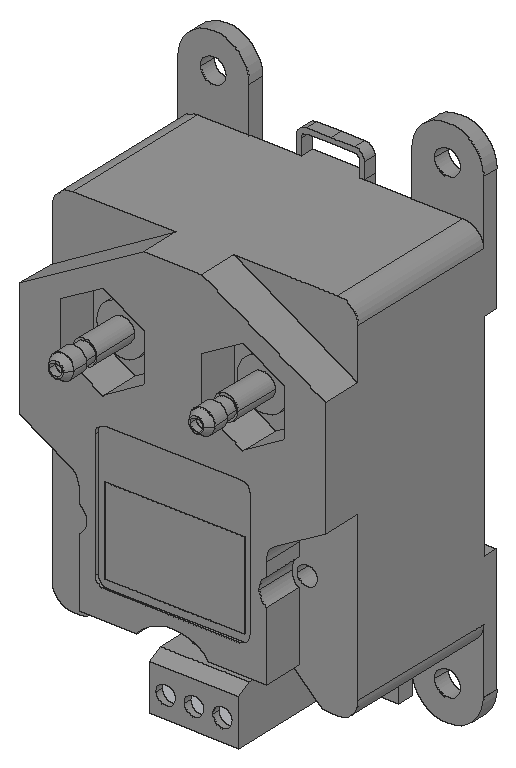
Revit family "PTS-4000", category Mechanical Equipment, Revit 2015
Parameters
  URL = "https://unitedenertech.com/catalog/pdf/O_5%20PTS-4000%20Transducer.pdf"
  Model = "PTS-4000"
  Manufacturer = "United Enertech Corporation"
  Description = "Differential Pressure Transducer Sensor"
Reference planes (in)
  plane 1 "Center (Front/Back)": y = 0
  plane 2: z = 0
  plane 3 "Center (Left/Right)": x = 0
  plane 4: x = -0.945
  plane 5: x = 0.945
  plane 6: z = 1.665
  plane 7: z = -1.665
  plane 8: y = -1.68
Forms (in)
  Extrusion 1, solid, material "Plastic"
    sketch origin (0, 0, 0) x (1, 0, 0) y (0, 0, 1)
      loop
        line (-0.94584, 0.665) -> (-0.50416, 0.665) -> (-0.50416, 1.44416)
        arc (-0.50416, 1.44416) -> (-0.725, 1.665) -> (-0.94584, 1.44416) r 0.22084
        line (-0.94584, 1.44416) -> (-0.94584, 0.665)
      loop
        circle (-0.725, 1.44416) r 0.08
    from 0 to 0.1
  Extrusion 2, solid, material "Plastic"
    sketch origin (0, 0, 0) x (-1, 0, 0) y (0, 0, -1)
      loop
        line (-0.94584, -0.665) -> (-0.94584, -1.44416)
        arc (-0.94584, -1.44416) -> (-0.725, -1.665) -> (-0.50416, -1.44416) r 0.22084
        line (-0.50416, -1.44416) -> (-0.50416, -0.665) -> (-0.94584, -0.665)
      loop
        circle (-0.725, -1.44416) r 0.08
    from 0 to 0.1
  Extrusion 3, solid, material "Plastic"
    sketch origin (0, 0.66, 0) x (1, 0, 0) y (0, 0, 1)
      loop
        line (-0.94584, -0.665) -> (-0.94584, -1.44416)
        arc (-0.94584, -1.44416) -> (-0.725, -1.665) -> (-0.50416, -1.44416) r 0.22084
        line (-0.50416, -1.44416) -> (-0.50416, -0.665) -> (-0.94584, -0.665)
      loop
        circle (-0.725, -1.44416) r 0.08
    from 0.66 to 0.76
  Extrusion 4, solid, material "Plastic"
    sketch origin (0, 0.66, 0) x (-1, 0, 0) y (0, 0, -1)
      loop
        line (-0.94584, 0.665) -> (-0.50416, 0.665) -> (-0.50416, 1.44416)
        arc (-0.50416, 1.44416) -> (-0.725, 1.665) -> (-0.94584, 1.44416) r 0.22084
        line (-0.94584, 1.44416) -> (-0.94584, 0.665)
      loop
        circle (-0.725, 1.44416) r 0.08
    from 0.66 to 0.76
  Extrusion 5, solid, material "Plastic"
    sketch origin (0, 0, 0) x (1, 0, 0) y (0, 0, 1)
      loop
        arc (-0.82, 1.165) -> (-0.90839, 1.12839) -> (-0.945, 1.04) r 0.125
        line (-0.945, 1.04) -> (-0.945, -1.04)
        arc (-0.945, -1.04) -> (-0.90839, -1.12839) -> (-0.82, -1.165) r 0.125
        line (-0.82, -1.165) -> (0.82, -1.165)
        arc (0.82, -1.165) -> (0.90839, -1.12839) -> (0.945, -1.04) r 0.125
        line (0.945, -1.04) -> (0.945, 1.04)
        arc (0.945, 1.04) -> (0.90839, 1.12839) -> (0.82, 1.165) r 0.125
        line (0.82, 1.165) -> (-0.82, 1.165)
    from 0.1 to 1.32
  Extrusion 6, solid, material "Plastic"
    sketch origin (0, 0, 0) x (1, 0, 0) y (0, 0, 1)
      loop
        line (-0.21114, 1.165) -> (-0.21114, 1.03957) -> (0.21114, 1.03957) -> (0.21114, 1.165) -> (0.21114, 1.26467)
        arc (0.21114, 1.26467) -> (0.19278, 1.30898) -> (0.14847, 1.32734) r 0.06267
        line (0.14847, 1.32734) -> (0, 1.32734) -> (-0.14847, 1.32734)
        arc (-0.14847, 1.32734) -> (-0.19278, 1.30898) -> (-0.21114, 1.26467) r 0.06267
        line (-0.21114, 1.26467) -> (-0.21114, 1.165)
      loop
        line (-0.17989, 1.165) -> (0.17989, 1.165) -> (0.17989, 1.26467)
        arc (0.17989, 1.26467) -> (0.17069, 1.28688) -> (0.14847, 1.29609) r 0.03142
        line (0.14847, 1.29609) -> (0, 1.29609) -> (-0.14847, 1.29609)
        arc (-0.14847, 1.29609) -> (-0.17069, 1.28688) -> (-0.17989, 1.26467) r 0.03142
        line (-0.17989, 1.26467) -> (-0.17989, 1.165)
    from 0.02246 to 0.1
  Extrusion 7, solid, material "Plastic"
    sketch origin (0, 0, 0) x (1, 0, 0) y (0, 0, 1)
      loop
        line (-0.42386, -1.165) -> (-0.42386, -1.665) -> (0, -1.665) -> (0.42386, -1.665) -> (0.42386, -1.165) -> (0.42386, -1.04052) -> (0, -1.04052) -> (-0.42386, -1.04052) -> (-0.42386, -1.165)
      loop
        line (-0.36136, -1.2275) -> (-0.36136, -1.57125) -> (-0.03125, -1.57125) -> (-0.03125, -1.2275) -> (-0.36136, -1.2275)
      loop
        line (0.36136, -1.2275) -> (0.03125, -1.2275) -> (0.03125, -1.57125) -> (0.36136, -1.57125) -> (0.36136, -1.2275)
    from 0 to 0.1
  Extrusion 8, void
    sketch origin (0, 0, 0) x (1, 0, 0) y (0, 0, 1)
      loop
        arc (-0.47407, -0.96584) -> (-0.52127, -0.97509) -> (-0.56147, -1.00147) r 0.125
        line (-0.56147, -1.00147) -> (-0.68839, -1.12839)
        arc (-0.68839, -1.12839) -> (-0.72894, -1.15548) -> (-0.77678, -1.165) r 0.125
        line (-0.77678, -1.165) -> (-1.14694, -1.165) -> (-1.14694, -1.27644) -> (0, -1.27644) -> (1.14694, -1.27644) -> (1.14694, -1.165) -> (0.77678, -1.165)
        arc (0.77678, -1.165) -> (0.72894, -1.15548) -> (0.68839, -1.12839) r 0.125
        line (0.68839, -1.12839) -> (0.56147, -1.00147)
        arc (0.56147, -1.00147) -> (0.52127, -0.97509) -> (0.47407, -0.96584) r 0.125
        line (0.47407, -0.96584) -> (0.225, -0.96584)
        arc (0.225, -0.96584) -> (0.12448, -0.88768) -> (0, -0.86092) r 0.28586
        arc (0, -0.86092) -> (-0.12448, -0.88768) -> (-0.225, -0.96584) r 0.28586
        line (-0.225, -0.96584) -> (-0.47407, -0.96584)
    from 0.57 to 1.32
  Extrusion 9, void
    sketch origin (0, 0, 0) x (1, 0, 0) y (0, 0, 1)
      loop
        line (-0.57903, -0.96584) -> (-0.57903, -0.28394)
        arc (-0.57903, -0.28394) -> (-0.59578, -0.22144) -> (-0.64153, -0.17569) r 0.125
        line (-0.64153, -0.17569) -> (-1.14694, 0.11611) -> (-1.14694, -1.27644) -> (-0.47407, -1.27644) -> (-0.47407, -0.96584) -> (-0.57903, -0.96584)
    from 1.07 to 1.32
  Extrusion 10, void
    sketch origin (0, 0, 0) x (-1, 0, 0) y (0, 0, -1)
      loop
        line (-0.57903, 0.96584) -> (-0.47407, 0.96584) -> (-0.47407, 1.27644) -> (-1.14694, 1.27644) -> (-1.14694, -0.11611) -> (-0.64153, 0.17569)
        arc (-0.64153, 0.17569) -> (-0.59578, 0.22144) -> (-0.57903, 0.28394) r 0.125
        line (-0.57903, 0.28394) -> (-0.57903, 0.96584)
    from 1.07 to 1.32
  Extrusion 11, void
    sketch origin (0, 0, 0) x (1, 0, 0) y (0, 0, 1)
      loop
        line (-0.4351, 0.27977) -> (-0.17575, 0.42951) -> (-0.17575, 0.72898) -> (-0.4351, 0.87871) -> (-0.69444, 0.72898) -> (-0.69444, 0.42951) -> (-0.4351, 0.27977)
    from 1.07 to 1.32
  Extrusion 12, void
    sketch origin (0, 0, 0) x (-1, 0, 0) y (0, 0, -1)
      loop
        line (-0.4351, -0.27977) -> (-0.69444, -0.42951) -> (-0.69444, -0.72898) -> (-0.4351, -0.87871) -> (-0.17575, -0.72898) -> (-0.17575, -0.42951) -> (-0.4351, -0.27977)
    from 1.07 to 1.32
  Extrusion 13, void
    sketch origin (0, 0, 0) x (1, 0, 0) y (0, 0, 1)
      loop
        line (-1.0607, 0.65604) -> (0.01015, 1.2743) -> (-1.0607, 1.2743) -> (-1.0607, 0.65604)
    from 1.07 to 1.32
  Extrusion 14, void
    sketch origin (0, 0, 0) x (-1, 0, 0) y (0, 0, -1)
      loop
        line (-1.0607, -0.65604) -> (-1.0607, -1.2743) -> (0.01015, -1.2743) -> (-1.0607, -0.65604)
    from 1.07 to 1.32
  Extrusion 15, void
    sketch origin (0, 0, 0) x (1, 0, 0) y (0, 0, 1)
      loop
        line (-0.41653, -0.79052) -> (0.41653, -0.79052)
        arc (0.41653, -0.79052) -> (0.46073, -0.77222) -> (0.47903, -0.72802) r 0.0625
        line (0.47903, -0.72802) -> (0.47903, 0.05404)
        arc (0.47903, 0.05404) -> (0.46073, 0.09824) -> (0.41653, 0.11654) r 0.0625
        line (0.41653, 0.11654) -> (-0.41653, 0.11654)
        arc (-0.41653, 0.11654) -> (-0.46073, 0.09824) -> (-0.47903, 0.05404) r 0.0625
        line (-0.47903, 0.05404) -> (-0.47903, -0.72802)
        arc (-0.47903, -0.72802) -> (-0.46073, -0.77222) -> (-0.41653, -0.79052) r 0.0625
    from 1.21185 to 1.32
  Extrusion 16, void
    sketch origin (0, 0, 0) x (1, 0, 0) y (0, 0, 1)
      loop
        circle (-0.633, -0.45493) r 0.1
    from 1.07 to 1.32
  Extrusion 17, void
    sketch origin (0, 0, 0) x (-1, 0, 0) y (0, 0, -1)
      loop
        circle (-0.633, 0.45493) r 0.1
    from 1.07 to 1.32
  Extrusion 18, void
    sketch origin (0, 0, 0) x (1, 0, 0) y (0, 0, 1)
      loop
        circle (-0.633, -0.45493) r 0.0625
    from 0.89899 to 1.07
  Extrusion 19, void
    sketch origin (0, 0, 0) x (-1, 0, 0) y (0, 0, -1)
      loop
        circle (-0.633, 0.45493) r 0.0625
    from 0.89899 to 1.07
  Extrusion 20, solid, material "Plastic, Opaque White"
    sketch origin (0, 0, 0) x (1, 0, 0) y (0, 0, 1)
      loop
        line (0.41653, 0.11654) -> (-0.41653, 0.11654)
        arc (-0.41653, 0.11654) -> (-0.46073, 0.09824) -> (-0.47903, 0.05404) r 0.0625
        line (-0.47903, 0.05404) -> (-0.47903, -0.72802)
        arc (-0.47903, -0.72802) -> (-0.46073, -0.77222) -> (-0.41653, -0.79052) r 0.0625
        line (-0.41653, -0.79052) -> (0.41653, -0.79052)
        arc (0.41653, -0.79052) -> (0.46073, -0.77222) -> (0.47903, -0.72802) r 0.0625
        line (0.47903, -0.72802) -> (0.47903, 0.05404)
        arc (0.47903, 0.05404) -> (0.46073, 0.09824) -> (0.41653, 0.11654) r 0.0625
    from 1.21185 to 1.30424
  Extrusion 21, void
    sketch origin (0, 0, 0) x (1, 0, 0) y (0, 0, 1)
      loop
        line (0, -0.74359) -> (0.4321, -0.74359) -> (0.4321, -0.20414) -> (0, -0.20414) -> (-0.4321, -0.20414) -> (-0.4321, -0.74359) -> (0, -0.74359)
    from 1.21185 to 1.32
  Extrusion 22, solid, material "Plastic, Opaque Black"
    sketch origin (0, 0, 0) x (1, 0, 0) y (0, 0, 1)
      loop
        line (-0.4321, -0.20414) -> (-0.4321, -0.74359) -> (0.4321, -0.74359) -> (0.4321, -0.20414) -> (-0.4321, -0.20414)
    from 1.21185 to 1.30424
  Extrusion 23, solid, material "Brass"
    sketch origin (0, 0, 0) x (1, 0, 0) y (0, 0, 1)
      loop
        circle (-0.4351, 0.57924) r 0.15625
    from 1.07 to 1.16921
  Extrusion 24, solid, material "Brass"
    sketch origin (0, 0, 0) x (1, 0, 0) y (0, 0, 1)
      loop
        circle (-0.4351, 0.57924) r 0.07549
    from 1.16921 to 1.4555
  Extrusion 25, solid, material "Brass"
    sketch origin (0, 0, 0) x (1, 0, 0) y (0, 0, 1)
      loop
        circle (-0.4351, 0.57924) r 0.0625
    from 1.54048 to 1.4555
  Extrusion 26, solid, material "Brass"
    sketch origin (0, 0, 0) x (1, 0, 0) y (0, 0, 1)
      loop
        circle (-0.4351, 0.57924) r 0.07549
    from 1.63547 to 1.54048
  Blend 27, solid, material "Brass"
    base sketch origin (0, 0, 0) x (1, 0, 0) y (0, 0, 1)
      loop
        circle (-0.4351, 0.57924) r 0.07549
    top sketch origin (0, 0, 0) x (1, 0, 0) y (0, 0, 1)
      loop
        circle (-0.4351, 0.57924) r 0.04688
    from 1.63547 to 1.68
  Extrusion 28, void
    sketch origin (0, 0, 0) x (1, 0, 0) y (0, 0, 1)
      loop
        circle (-0.4351, 0.57924) r 0.03906
    from 1.10376 to 1.68
  Extrusion 29, solid, material "Brass"
    sketch origin (0, 0, 0) x (-1, 0, 0) y (0, 0, -1)
      loop
        circle (-0.4351, -0.57924) r 0.15625
    from 1.07 to 1.16921
  Extrusion 30, solid, material "Brass"
    sketch origin (0, 0, 0) x (-1, 0, 0) y (0, 0, -1)
      loop
        circle (-0.4351, -0.57924) r 0.07549
    from 1.16921 to 1.4555
  Extrusion 31, solid, material "Brass"
    sketch origin (0, 0, 0) x (-1, 0, 0) y (0, 0, -1)
      loop
        circle (-0.4351, -0.57924) r 0.0625
    from 1.54048 to 1.4555
  Extrusion 32, solid, material "Brass"
    sketch origin (0, 0, 0) x (-1, 0, 0) y (0, 0, -1)
      loop
        circle (-0.4351, -0.57924) r 0.07549
    from 1.63547 to 1.54048
  Blend 33, solid, material "Brass"
    base sketch origin (0, 0, 0) x (-1, 0, 0) y (0, 0, -1)
      loop
        circle (-0.4351, -0.57924) r 0.07549
    top sketch origin (0, 0, 0) x (-1, 0, 0) y (0, 0, -1)
      loop
        circle (-0.4351, -0.57924) r 0.04688
    from 1.63547 to 1.68
  Extrusion 34, void
    sketch origin (0, 0, 0) x (-1, 0, 0) y (0, 0, -1)
      loop
        circle (-0.4351, -0.57924) r 0.03906
    from 1.10376 to 1.68
  Extrusion 35, solid, material "Plastic, Gray"
    sketch origin (0, 0, 0) x (0, 1, 0) y (0, 0, 1)
      loop
        line (-0.57, -1.165) -> (-1.07, -1.165) -> (-1.15471, -1.21391) -> (-1.15471, -1.4988) -> (-0.57, -1.4988) -> (-0.57, -1.165)
    from -0.27658 to 0.27658
  Extrusion 36, solid, material "Plastic, Gray"
    sketch origin (0, 0, 0) x (0, 1, 0) y (0, 0, 1)
      loop
        circle (-0.66958, -1.06542) r 0.09958
    from -0.27658 to 0.27658
  Extrusion 37, solid, material "Plastic, Gray"
    sketch origin (0, 0, 0) x (0, 1, 0) y (0, 0, -1)
      loop
        line (-0.57, 1.165) -> (-0.94803, 1.165) -> (-0.74887, 0.96584) -> (-0.57, 0.96584) -> (-0.57, 1.165)
    from 0.09133 to 0.17459
  Extrusion 38, solid, material "Plastic, Gray"
    sketch origin (0, 0, 0) x (0, 1, 0) y (0, 0, 1)
      loop
        line (-0.57, -1.165) -> (-0.57, -0.96584) -> (-0.74887, -0.96584) -> (-0.94803, -1.165) -> (-0.57, -1.165)
    from 0.09133 to 0.17459
  Extrusion 39, void
    sketch origin (0, 0, 0) x (1, 0, 0) y (0, 0, 1)
      loop
        circle (0, -1.36315) r 0.06082
    from 0.87491 to 1.15471
  Extrusion 40, void
    sketch origin (0.17464, 0, 0) x (1, 0, 0) y (0, 0, 1)
      loop
        circle (0, -1.36315) r 0.06082
    from 0.87491 to 1.15471
  Extrusion 41, void
    sketch origin (-0.17464, 0, 0) x (-1, 0, 0) y (0, 0, -1)
      loop
        circle (0, 1.36315) r 0.06082
    from 0.87491 to 1.15471
  Extrusion 42, solid
    sketch origin (0, 0, 0) x (1, 0, 0) y (0, 0, 1)
      loop
        circle (-0.17464, -1.36315) r 0.06082
    from 0.87491 to 1.10973
  Extrusion 43, solid
    sketch origin (0, 0, 0) x (1, 0, 0) y (0, 0, 1)
      loop
        circle (0, -1.36315) r 0.06082
    from 0.87491 to 1.10973
  Extrusion 44, solid
    sketch origin (0, 0, 0) x (1, 0, 0) y (0, 0, 1)
      loop
        circle (0.17464, -1.36315) r 0.06082
    from 0.87491 to 1.10973
Cuts and joins
  Extrusion 11, Extrusion 13, Extrusion 21, Extrusion 28, Extrusion 39 cuts Extrusion 1
  Extrusion 21, Extrusion 28, Extrusion 39 cuts Extrusion 2
  Extrusion 8, Extrusion 9, Extrusion 21, Extrusion 28, Extrusion 39 cuts Extrusion 3
  Extrusion 8, Extrusion 21, Extrusion 28, Extrusion 39 cuts Extrusion 4
  Extrusion 8, Extrusion 9, Extrusion 10, Extrusion 11, Extrusion 12, Extrusion 13, Extrusion 14, Extrusion 15, Extrusion 16, Extrusion 17, Extrusion 18, Extrusion 19, Extrusion 21, Extrusion 28, Extrusion 39 cuts Extrusion 5
  Extrusion 13, Extrusion 21, Extrusion 28, Extrusion 39 cuts Extrusion 6
  Extrusion 8, Extrusion 21, Extrusion 28, Extrusion 39 cuts Extrusion 7
  joined: Extrusion 1, Extrusion 2, Extrusion 3, Extrusion 4, Extrusion 5, Extrusion 6, Extrusion 7
  Extrusion 21 cuts Extrusion 20
  Extrusion 28, Extrusion 34 cuts Extrusion 23
  Extrusion 28, Extrusion 34 cuts Extrusion 24
  Extrusion 28, Extrusion 34 cuts Extrusion 25
  Extrusion 28, Extrusion 34 cuts Extrusion 26
  Extrusion 28, Extrusion 34 cuts Blend 27
  Extrusion 34 cuts Extrusion 29
  Extrusion 34 cuts Extrusion 30
  Extrusion 34 cuts Extrusion 31
  Extrusion 34 cuts Extrusion 32
  Extrusion 34 cuts Blend 33
  Extrusion 39, Extrusion 40, Extrusion 41 cuts Extrusion 35
Dimensions and locks (in)
  plane 4 to plane 5 = 0' - 1.89"
  plane 1 "Center (Front/Back)" to plane 8 = 0' - 1.68"
  cut or joined group 1 (Extrusion 1, Extrusion 2, Extrusion 3, Extrusion 4, Extrusion 5, Extrusion 6, Extrusion 7, Extrusion 8, Extrusion 9, Extrusion 10, Extrusion 11, Extrusion 12, Extrusion 13, Extrusion 14, Extrusion 15, Extrusion 16, Extrusion 17, Extrusion 18, Extrusion 19, Extrusion 21, Extrusion 28, Extrusion 39) to plane 1 "Center (Front/Back)" = 0' - 1.32"
  plane 6 to plane 7 = 0' - 3.33"
  cut or joined group 1 to cut or joined group 1 = 0' - 2.33"
  aligned and locked: level to plane 2
